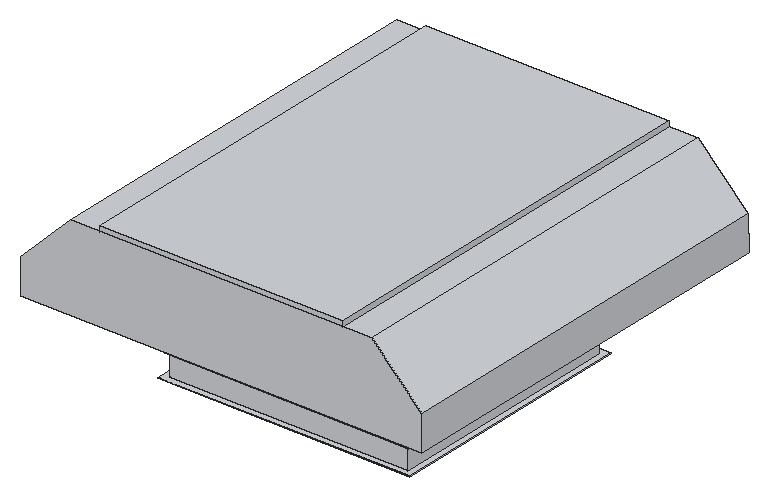
Revit family "HER", category Mechanical Equipment, Revit 2019
Family settings
  Round Connector Dimension = Use Diameter
  Part Type = Normal
  Work Plane-Based = No
  Always vertical = Yes
  Cut with Voids When Loaded = No
  Shared = No
  Room Calculation Point = No
Parameters (values of type "60-HER")
  Unit Weight [instance] = ""
  Sones [instance] = ""
  RO/2 = RO / 2  # 33 3/4"
  Motor RPM [instance] = ""
  Motor Enclosure [instance] = ""
  ModelID [instance] = ""
  LwA [instance] = ""
  W/2 = W / 2  # 59 1/2"
  L/2 = L / 2  # 60 1/2"
  RO = T_SQ - 4 1/2"  # 67 1/2"
  T_SQ/2 = T_SQ / 2  # 36"
  Fan RPM [instance] = ""
  T_SQ = 72"
  W = 119"
  L = 121"
  CURB_HEIGHT [instance] = 9 1/2"
  CURB [instance] = yes
  C/2 = C / 2  # 7 3/8"
  C = 14 3/4"
  Brake Hp [instance] = ""
  B/2 = B / 2  # 1 1/2"
  B-.125" = B - 1/8"  # 2 7/8"
  Accessories [instance] = ""
  A-C = A - C  # 29 3/4"
  B = 3"
  A/2 = A / 2  # 22 1/4"
  A-1.5" = A - 1 1/2"  # 43"
  A = 44 1/2"
  4" = 4"  # constant formula
  2' = 24"
  2" = 2"  # constant formula
  1" = 1"  # constant formula
  0 = 0"  # constant formula
  Voltage [instance] = 0 V
  URL = "www.lorencook.com"
  Type Comments = "Hooded Supply Ventilator Extruded Aluminum Propeller Roof Mounted/Belt Drive"  # constant formula
  Static Pressure [instance] = 0.00 in-wg
  Power [instance] = Voltage * Motor FLA * sqrt(if(Phase = 3, 3, 1))  # 0 VA
  Phase [instance] = 0
  Number of Poles [instance] = 1
  Motor Hp [instance] = "0"
  Motor FLA [instance] = 0 A
  Model = "HES"  # constant formula
  Manufacturer = "Loren Cook Company"
  CFM [instance] = 0 CFM
  1.5 = 1 1/2"  # constant formula
  ONE EIGTH = 1/8"  # constant formula
  -L/2 = -L / 2  # -60 1/2"
  -(C/2) = -(C / 2)  # -7 3/8"
  -(A/2) = -(A / 2)  # -22 1/4"
  (T_SQ/2)-2" = (T_SQ / 2) - 2"  # 34"
  (T_SQ/2)+.125" = (T_SQ / 2) + 1/8"  # 36 1/8"
  (A-C)/2 = (A - C) / 2  # 14 7/8"
Types (8): name | RO/2 | W/2 | L/2 | RO | T_SQ/2 | T_SQ | W | L | C/2 | C | A-C | A/2 | A-1.5" | A | -L/2 | -(C/2) | -(A/2) | (T_SQ/2)-2" | (T_SQ/2)+.125" | (A-C)/2
  (no name) | 33 3/4" | 59 1/2" | 60 1/2" | 67 1/2" | 36" | 72" | 119" | 121" | 7 3/8" | 14 3/4" | 29 3/4" | 22 1/4" | 43" | 44 1/2" | -60 1/2" | -7 3/8" | -22 1/4" | 34" | 36 1/8" | 14 7/8"
  24-HER | 15 3/4" | 29 1/2" | 29 1/2" | 31 1/2" | 18" | 36" | 59" | 59" | 5" | 10" | 18 3/4" | 14 3/8" | 27 1/4" | 28 3/4" | -29 1/2" | -5" | -14 3/8" | 16" | 18 1/8" | 9 3/8"
  30-HER | 18 3/4" | 34 1/2" | 34 1/2" | 37 1/2" | 21" | 42" | 69" | 69" | 5" | 10" | 20 1/2" | 15 1/4" | 29" | 30 1/2" | -34 1/2" | -5" | -15 1/4" | 19" | 21 1/8" | 10 1/4"
  36-HER | 21 3/4" | 40" | 40" | 43 1/2" | 24" | 48" | 80" | 80" | 5" | 10" | 23" | 16 1/2" | 31 1/2" | 33" | -40" | -5" | -16 1/2" | 22" | 24 1/8" | 11 1/2"
  42-HER | 24 3/4" | 45" | 45" | 49 1/2" | 27" | 54" | 90" | 90" | 5" | 10" | 28" | 19" | 36 1/2" | 38" | -45" | -5" | -19" | 25" | 27 1/8" | 14"
  48-HER | 27 3/4" | 45" | 55" | 55 1/2" | 30" | 60" | 90" | 110" | 6 3/4" | 13 1/2" | 28" | 20 3/4" | 40" | 41 1/2" | -55" | -6 3/4" | -20 3/4" | 28" | 30 1/8" | 14"
  54-HER | 30 3/4" | 54 1/2" | 55 1/2" | 61 1/2" | 33" | 66" | 109" | 111" | 7 3/8" | 14 3/4" | 29 3/4" | 22 1/4" | 43" | 44 1/2" | -55 1/2" | -7 3/8" | -22 1/4" | 31" | 33 1/8" | 14 7/8"
  60-HER | 33 3/4" | 59 1/2" | 60 1/2" | 67 1/2" | 36" | 72" | 119" | 121" | 7 3/8" | 14 3/4" | 29 3/4" | 22 1/4" | 43" | 44 1/2" | -60 1/2" | -7 3/8" | -22 1/4" | 34" | 36 1/8" | 14 7/8"
Reference planes (in)
  plane 1 "Center (Front/Back)": y = 0
  plane 2: z = 0
  plane 3 "Center (Left/Right)": x = 0.40541
Forms (in)
  Extrusion 1, solid
    sketch origin (0, 0, 0) x (1, 0, 0) y (0, 1, 0)
      loop
        line (-35.71959, 36.125) -> (-35.71959, -36.125) -> (36.53041, -36.125) -> (36.53041, 36.125) -> (-35.71959, 36.125)
    from 0 to 3 <- "B"
  Extrusion 2, void
    sketch origin (0, 0, 0) x (1, 0, 0) y (0, 1, 0)
      loop
        line (-35.59459, 36) -> (-35.59459, -36) -> (36.40541, -36) -> (36.40541, 36) -> (-35.59459, 36)
    from 0 to 2.875 <- "B-.125""
  Revolve 3, solid
    sketch origin (0, 0, 0) x (1, 0, 0) y (0, 0, 1)
      loop
        line (0.40541, 3) -> (34.40541, 3)
        arc (34.40541, 3) -> (27.03041, 10.375) -> (34.40541, 17.75) r 7.375
        line (34.40541, 17.75) -> (0.40541, 17.75) -> (0.40541, 3)
      axis (0.40541, 17.75) -> (0.40541, 3)
    angle from 0 to 360
  Extrusion 4, solid
    sketch origin (0, 0, 0) x (1, 0, 0) y (0, 0, 1)
      loop
        line (-59.09459, 17.75) -> (59.90541, 17.75) -> (59.90541, 43) -> (-59.09459, 43) -> (-59.09459, 17.75)
    from -60.5 <- "-L/2" to 60.5 <- "L/2"
  Extrusion 5, solid
    sketch origin (0, 0, 0) x (1, 0, 0) y (0, 0, 1)
      loop
        line (-35.59459, 43) -> (36.40541, 43) -> (36.40541, 44.5) -> (-35.59459, 44.5) -> (-35.59459, 43)
    from 60.5 <- "L/2" to -60.5 <- "-L/2"
  Extrusion 6, void
    sketch origin (0, 0, 0) x (1, 0, 0) y (0, 0, 1)
      loop
        line (45.03041, 43) -> (59.90541, 28.125) -> (59.90541, 43) -> (45.03041, 43)
      loop
        line (-44.21959, 43) -> (-59.09459, 43) -> (-59.09459, 28.125) -> (-44.21959, 43)
    from 60.5 <- "L/2" to -60.5 <- "-L/2"
  Extrusion 7, solid, visible <- "CURB"
    sketch origin (0, 0, 2.875) x (0, 1, 0) y (1, 0, 0)
      loop
        line (-33.75, -33.34459) -> (33.75, -33.34459) -> (33.75, 34.15541) -> (-33.75, 34.15541) -> (-33.75, -33.34459)
      loop
        line (35.25, 35.65541) -> (-35.25, 35.65541) -> (-35.25, -34.84459) -> (35.25, -34.84459) -> (35.25, 35.65541)
    from 0 to 9.5 <- "CURB_HEIGHT"
  Extrusion 8, solid, visible <- "CURB"
    sketch origin (0, 0, -6.625) x (-1, 0, 0) y (0, 1, 0)
      loop
        line (34.84459, -35.25) -> (34.84459, 35.25) -> (-35.65541, 35.25) -> (-35.65541, -35.25) -> (34.84459, -35.25)
      loop
        line (-37.65541, 37.25) -> (-37.65541, -37.25) -> (36.84459, -37.25) -> (36.84459, 37.25) -> (-37.65541, 37.25)
    from 0 to -0.125
Cuts and joins
  Extrusion 2 cuts Extrusion 1
  Extrusion 6 cuts Extrusion 4
  Extrusion 6 cuts Extrusion 5
Dimensions and locks (in)
  "(T_SQ/2)+.125"": Extrusion 1 sketch curve to plane 3 "Center (Left/Right)"
  "(T_SQ/2)+.125"": plane 3 "Center (Left/Right)" to Extrusion 1 sketch curve
  "(T_SQ/2)+.125"": plane 1 "Center (Front/Back)" to Extrusion 1 sketch curve
  "(T_SQ/2)+.125"": Extrusion 1 sketch curve to plane 1 "Center (Front/Back)"
  "T_SQ/2": Extrusion 2 sketch curve to plane 3 "Center (Left/Right)"
  "T_SQ/2": plane 3 "Center (Left/Right)" to Extrusion 2 sketch curve
  "T_SQ/2": plane 1 "Center (Front/Back)" to Extrusion 2 sketch curve
  "T_SQ/2": Extrusion 2 sketch curve to plane 1 "Center (Front/Back)"
  "C": Revolve 3 sketch curve to cut or joined group of Extrusion 1, Extrusion 2
  "(T_SQ/2)-2"": Revolve 3 sketch curve to plane 3 "Center (Left/Right)"
  "0": Revolve 3 sketch curve to plane 3 "Center (Left/Right)"  (x2)
  "0": Revolve 3 sketch curve to cut or joined group of Extrusion 1, Extrusion 2
  "A-1.5"": Extrusion 4 sketch curve to level
  "0": Extrusion 4 sketch curve to Revolve 3
  "W/2": Extrusion 4 sketch curve to plane 3 "Center (Left/Right)"  (x2)
  "0": Extrusion 5 sketch curve to Extrusion 4
  "1.5": Extrusion 5 sketch curve to Extrusion 5 sketch curve
  "T_SQ/2": Extrusion 5 sketch curve to plane 3 "Center (Left/Right)"
  "T_SQ/2": plane 3 "Center (Left/Right)" to Extrusion 5 sketch curve
  "0": Extrusion 6 sketch curve to Extrusion 4  (x3)
  "0": Extrusion 4 to Extrusion 6 sketch curve
  "(A-C)/2": Extrusion 6 sketch curve to Extrusion 6 sketch curve  (x4)
  "1.5": Extrusion 7 sketch curve to Extrusion 7 sketch curve  (x4)
  "RO/2": Extrusion 7 sketch curve to plane 1 "Center (Front/Back)"  (x2)
  "RO/2": plane 3 "Center (Left/Right)" to Extrusion 7 sketch curve
  "RO/2": Extrusion 7 sketch curve to plane 3 "Center (Left/Right)"
  "2"": Extrusion 8 sketch curve to Extrusion 8 sketch curve  (x4)
  "0": Extrusion 7 to Extrusion 8 sketch curve
  "0": Extrusion 8 sketch curve to Extrusion 7  (x3)
Automatic sketch dimensions
  Revolve 3 sketch curve to level = 4"
  Revolve 3 sketch curve to Revolve 3 sketch curve = 0"
Connectors (in)
  hvac at (0.40541, 0, 2.875), driven by "RO", driven by "RO", driven by "CFM"
    settings: on cut or joined group of Extrusion 1, Extrusion 2, index 1, duct flow 0 CFM, flow factor 0, pres drop 0.00 in-wg, loss coef 0, conn angle 0.00°, conn width 67 1/2", conn height 67 1/2", conn diameter 24", duct sys type 29, conn prof type 1, flow config 0, flow direction 0, loss method 0, conn ref index -1, conn util no, is conn primary yes, conn desc ""
  electrical at (0.40541, 0, 2.875)
    settings: on cut or joined group of Extrusion 1, Extrusion 2, index 2, voltage 0 V, apparent load 0 VA, apparent load phase1 0 VA, apparent load phase2 0 VA, apparent load phase3 0 VA, power factor 1, load classification "Other", number of poles 1, system type 30, power factor state 1, is connector primary yes, connector utility no, sub classification motor no, connector description ""
